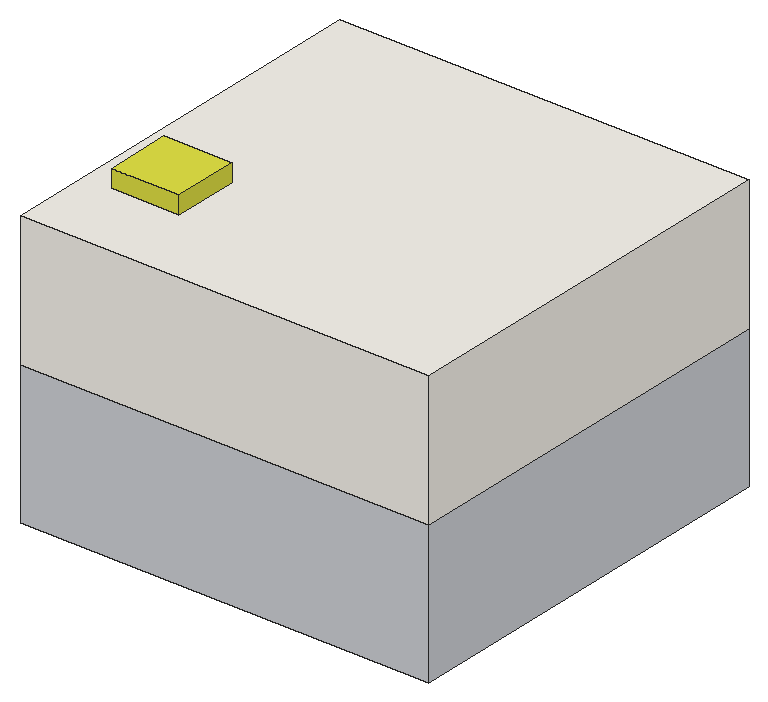
Revit family "Domotics-DomesticRanges-GEWISS-CHORUS_CLIMATE-GAS_H2O_DETECTOR", category Apparecchi elettrici, host Superficie, Revit 2016 (continued)
Lines and regions (mm)
  model lines, style "ElectricalFixtures", not visible, detail levels coarse
    curve 761: line (-60.319, -8.079, 0) -> (-60.112, -7.996, 0)
    curve 762: line (-60.112, -7.996, 0) -> (-59.712, -7.934, 0)
    curve 763: line (-59.712, -7.934, 0) -> (-59.93, -8.248, 0)
    curve 764: line (-99.406, 2.369, 0) -> (-98.483, 2.369, 0)
    curve 765: line (-98.483, 2.369, 0) -> (-98.483, 1.564, 0)
    curve 766: line (-98.483, 1.564, 0) -> (-99.033, 1.19, 0)
    curve 767: line (-99.033, 1.19, 0) -> (-99.543, 1.131, 0)
    curve 768: line (-99.543, 1.131, 0) -> (-99.976, 1.23, 0)
    curve 769: line (-99.976, 1.23, 0) -> (-100.506, 1.603, 0)
    curve 770: line (-100.506, 1.603, 0) -> (-100.8, 2.231, 0)
    curve 771: line (-100.8, 2.231, 0) -> (-100.722, 2.978, 0)
    curve 772: line (-100.722, 2.978, 0) -> (-100.388, 3.587, 0)
    curve 773: line (-100.388, 3.587, 0) -> (-99.72, 3.881, 0)
    curve 774: line (-99.72, 3.881, 0) -> (-99.19, 3.842, 0)
    curve 775: line (-99.19, 3.842, 0) -> (-98.738, 3.567, 0)
    curve 776: line (-98.738, 3.567, 0) -> (-98.463, 3.135, 0)
    curve 777: line (-82.577, 1.171, 0) -> (-82.577, 3.803, 0)
    curve 778: line (-82.577, 3.803, 0) -> (-81.183, 3.803, 0)
    curve 779: line (-81.183, 3.803, 0) -> (-80.751, 3.547, 0)
    curve 780: line (-80.751, 3.547, 0) -> (-80.652, 2.958, 0)
    curve 781: line (-80.652, 2.958, 0) -> (-80.868, 2.565, 0)
    curve 782: line (-80.868, 2.565, 0) -> (-81.242, 2.369, 0)
    curve 783: line (-81.242, 2.369, 0) -> (-82.577, 2.369, 0)
    curve 784: line (-97.787, 1.124, 0) -> (-96.687, 3.835, 0)
    curve 785: line (-96.687, 3.835, 0) -> (-95.534, 1.085, 0)
    curve 786: line (-97.403, 2.07, 0) -> (-95.947, 2.07, 0)
    curve 787: line (-93.042, 3.132, 0) -> (-93.163, 3.421, 0)
    curve 788: line (-93.163, 3.421, 0) -> (-93.426, 3.726, 0)
    curve 789: line (-93.426, 3.726, 0) -> (-93.697, 3.83, 0)
    curve 790: line (-93.697, 3.83, 0) -> (-93.95, 3.865, 0)
    curve 791: line (-93.95, 3.865, 0) -> (-94.273, 3.813, 0)
    curve 792: line (-94.273, 3.813, 0) -> (-94.631, 3.647, 0)
    curve 793: line (-94.631, 3.647, 0) -> (-94.849, 3.307, 0)
    curve 794: line (-94.849, 3.307, 0) -> (-94.814, 2.896, 0)
    curve 795: line (-94.814, 2.896, 0) -> (-94.552, 2.695, 0)
    curve 796: line (-94.552, 2.695, 0) -> (-93.155, 2.285, 0)
    curve 797: line (-93.155, 2.285, 0) -> (-92.955, 1.962, 0)
    curve 798: line (-92.955, 1.962, 0) -> (-92.998, 1.578, 0)
    curve 799: line (-92.998, 1.578, 0) -> (-93.251, 1.286, 0)
    curve 800: line (-93.251, 1.286, 0) -> (-93.636, 1.155, 0)
    curve 801: line (-93.636, 1.155, 0) -> (-93.924, 1.094, 0)
    curve 802: line (-93.924, 1.094, 0) -> (-94.343, 1.128, 0)
    curve 803: line (-94.343, 1.128, 0) -> (-94.692, 1.364, 0)
    curve 804: line (-94.692, 1.364, 0) -> (-94.866, 1.6, 0)
    curve 805: line (-94.866, 1.6, 0) -> (-94.928, 1.923, 0)
    curve 806: line (-89.153, 3.132, 0) -> (-89.274, 3.421, 0)
    curve 807: line (-89.274, 3.421, 0) -> (-89.537, 3.726, 0)
    curve 808: line (-89.537, 3.726, 0) -> (-89.807, 3.83, 0)
    curve 809: line (-89.807, 3.83, 0) -> (-90.061, 3.865, 0)
    curve 810: line (-90.061, 3.865, 0) -> (-90.384, 3.813, 0)
    curve 811: line (-90.384, 3.813, 0) -> (-90.742, 3.647, 0)
    curve 812: line (-90.742, 3.647, 0) -> (-90.96, 3.307, 0)
    curve 813: line (-90.96, 3.307, 0) -> (-90.925, 2.896, 0)
    curve 814: line (-90.925, 2.896, 0) -> (-90.663, 2.695, 0)
    curve 815: line (-90.663, 2.695, 0) -> (-89.266, 2.285, 0)
    curve 816: line (-89.266, 2.285, 0) -> (-89.065, 1.962, 0)
    curve 817: line (-89.065, 1.962, 0) -> (-89.109, 1.578, 0)
    curve 818: line (-89.109, 1.578, 0) -> (-89.362, 1.286, 0)
    curve 819: line (-89.362, 1.286, 0) -> (-89.746, 1.155, 0)
    curve 820: line (-89.746, 1.155, 0) -> (-90.034, 1.094, 0)
    curve 821: line (-90.034, 1.094, 0) -> (-90.453, 1.128, 0)
    curve 822: line (-90.453, 1.128, 0) -> (-90.803, 1.364, 0)
    curve 823: line (-90.803, 1.364, 0) -> (-90.977, 1.6, 0)
    curve 824: line (-90.977, 1.6, 0) -> (-91.038, 1.923, 0)
    curve 825: line (-88.633, 3.801, 0) -> (-86.329, 3.801, 0)
    curve 826: line (-87.481, 3.801, 0) -> (-87.481, 1.095, 0)
    curve 827: line (-84.674, 3.866, 0) -> (-85.259, 3.709, 0)
    curve 828: line (-85.259, 3.709, 0) -> (-85.643, 3.36, 0)
    curve 829: line (-85.643, 3.36, 0) -> (-85.879, 2.793, 0)
    curve 830: line (-85.879, 2.793, 0) -> (-85.87, 2.147, 0)
    curve 831: line (-85.87, 2.147, 0) -> (-85.687, 1.658, 0)
    curve 832: line (-85.687, 1.658, 0) -> (-85.364, 1.291, 0)
    curve 833: line (-85.364, 1.291, 0) -> (-84.919, 1.108, 0)
    curve 834: line (-84.919, 1.108, 0) -> (-84.561, 1.064, 0)
    curve 835: line (-84.561, 1.064, 0) -> (-84.046, 1.204, 0)
    curve 836: line (-84.046, 1.204, 0) -> (-83.705, 1.544, 0)
    curve 837: line (-83.705, 1.544, 0) -> (-83.504, 1.963, 0)
    curve 838: line (-83.504, 1.963, 0) -> (-83.435, 2.531, 0)
    curve 839: line (-83.435, 2.531, 0) -> (-83.539, 3.107, 0)
    curve 840: line (-83.539, 3.107, 0) -> (-83.845, 3.526, 0)
    curve 841: line (-83.845, 3.526, 0) -> (-84.264, 3.788, 0)
    curve 842: line (-84.264, 3.788, 0) -> (-84.674, 3.866, 0)
    curve 843: line (-71.123, 1.17, 0) -> (-73.126, 1.17, 0)
    curve 844: line (-73.126, 1.17, 0) -> (-73.126, 3.789, 0)
    curve 845: line (-73.126, 3.789, 0) -> (-71.182, 3.789, 0)
    curve 846: line (-73.126, 2.48, 0) -> (-71.555, 2.48, 0)
    curve 847: line (-70.808, 3.789, 0) -> (-68.51, 3.789, 0)
    curve 848: line (-69.659, 3.789, 0) -> (-69.659, 1.157, 0)
    curve 849: line (-76.505, 1.17, 0) -> (-76.505, 3.789, 0)
    curve 850: line (-76.505, 3.789, 0) -> (-75.287, 1.432, 0)
    curve 851: line (-75.287, 1.432, 0) -> (-74.049, 3.789, 0)
    curve 852: line (-74.049, 3.789, 0) -> (-74.049, 1.17, 0)
    curve 853: line (-68.21, 1.17, 0) -> (-67.149, 3.789, 0)
    curve 854: line (-67.149, 3.789, 0) -> (-66.128, 1.17, 0)
    curve 855: line (-67.831, 2.106, 0) -> (-66.492, 2.106, 0)
    curve 856: line (-65.277, 1.17, 0) -> (-65.277, 3.789, 0)
    curve 857: line (-65.277, 3.789, 0) -> (-63.293, 1.17, 0)
    curve 858: line (-63.293, 1.17, 0) -> (-63.293, 3.789, 0)
    curve 859: line (-61.683, 3.789, 0) -> (-62.174, 3.397, 0)
    curve 860: line (-62.174, 3.397, 0) -> (-62.409, 2.689, 0)
    curve 861: line (-62.409, 2.689, 0) -> (-62.37, 2.022, 0)
    curve 862: line (-62.37, 2.022, 0) -> (-62.036, 1.413, 0)
    curve 863: line (-62.036, 1.413, 0) -> (-61.447, 1.177, 0)
    curve 864: line (-61.447, 1.177, 0) -> (-61.117, 1.133, 0)
    curve 865: line (-61.117, 1.133, 0) -> (-60.82, 1.139, 0)
    curve 866: line (-60.82, 1.139, 0) -> (-60.468, 1.323, 0)
    curve 867: line (-60.468, 1.323, 0) -> (-60.14, 1.663, 0)
    curve 868: line (-60.14, 1.663, 0) -> (-59.944, 2.082, 0)
    curve 869: line (-59.944, 2.082, 0) -> (-59.957, 2.671, 0)
    curve 870: line (-59.957, 2.671, 0) -> (-60.088, 3.182, 0)
    curve 871: line (-60.088, 3.182, 0) -> (-60.481, 3.653, 0)
    curve 872: line (-60.481, 3.653, 0) -> (-60.765, 3.755, 0)
    curve 873: line (-60.765, 3.755, 0) -> (-61.196, 3.831, 0)
    curve 874: line (-61.196, 3.831, 0) -> (-61.683, 3.789, 0)
Dimensions and locks
  plane 4 to plane 3 "Centro (Sinistra/Destra)" = 1500 mm
  "Distanza_effettiva_x": plane 4 to plane 5
  "Offset pulsante": plane 11 to plane 2
  "Offset_bidimensionale": plane 7 to plane 8
  locked: plane 8 to plane 11 at 30.93
  "Distanza_x": plane 5 to plane 3 "Centro (Sinistra/Destra)"
  aligned and locked: plane 2 to host face
  aligned and locked: level to host face
  aligned and locked: plane 8 to Masking region 1
  aligned and locked: Masking region 1 to plane 11
  aligned and locked: plane 5 to nested 2
  aligned and locked: nested 1 to plane 11
  aligned and locked: Masking region 2 sketch curve to plane 9
  aligned and locked: Masking region 2 sketch curve to plane 8
  aligned and locked: plane 10 to Masking region 2 sketch curve
  aligned and locked: plane 11 to Masking region 2 sketch curve
Automatic sketch dimensions
  host sketch curve to host sketch curve = 2438.4 mm  (x2)
  plane 6 to Masking region 1 sketch curve = 20 mm
  plane 1 "Centro (Fronte/Retro)" to Masking region 1 sketch curve = 22 mm
  Masking region 1 sketch curve to plane 1 "Centro (Fronte/Retro)" = 22 mm
  Masking region 1 sketch curve to plane 8 = 0 mm
Nested families
  nested 1: "gas_acqua_g" at (0, 0, 20), type <- "Tipo_", type "GW14716 Rivelatore acqua 2M 12V titanio"
  nested 2: "gas_acquasimb" at (0, 66.668, 0), type "gas_acquasimb"
    with SIMBOLO yes, Distanza dal muro 6 mm, BORDO ACCESO yes
Definition of nested family "gas_acqua_g"
  Parameters (values of type "GW14716 Rivelatore acqua 2M 12V titanio")
    metano = yes
    gas_stop = no
    corpo = 15.93 mm
    Materiale = none
    Acqua = no
    W = 45 mm
    L = 46 mm
  Types (9, lengths in mm): name | metano | Acqua
    GW14716 Rivelatore acqua 2M 12V titanio | yes | no
    GW14712 Rivelatore CH4 2M 12V ac/dc titanio | yes | no
    GW14711 Rilevatore GPL 2M 12V ac/dc titanio | yes | no
    GW12716 Rivelatore acqua 2M 12V nero | yes | no
    GW12712 Rivelatore CH4 2M 12V ac/dc nero | yes | no
    GW12711 Rilevatore GPL 2M 12V ac/dc nero | yes | no
    GW10716 Rivelatore acqua 2M 12V bianco | yes | no
    GW10712 Rivelatore CH4 2M 12V ac/dc bianco | yes | no
    GW10711 Rilevatore GPL 2M 12V ac/dc bianco | no | yes
  Reference planes
    plane 1 "Centro (Fronte/Retro)": y = 0
    plane 2: z = 0
    plane 3 "Centro (Sinistra/Destra)": x = 0
    plane 4: x = -23.898
    plane 5: y = -22.5
    plane 6: x = 22.102
    plane 7: y = 22.5
    plane 8: x = -20.746
    plane 9: y = -13.615
    plane 10: x = -13.103
    plane 11: y = -6.243
    plane 12 "fronte": z = 30.93
    plane 13: z = 15.93
    plane 14: z = 32.93
  Forms (mm)
    Extrusion 1, solid, material <- "Materiale", detail levels medium+fine
      sketch origin (0, 0, 0) x (1, 0, 0) y (0, 1, 0)
        loop
          line (-23.898, 22.5) -> (-23.898, -22.5) -> (22.102, -22.5) -> (22.102, 22.5) -> (-23.898, 22.5)
      from 15.93 to 30.93
    Extrusion 2, solid, detail levels medium+fine
      sketch origin (0, 0, 0) x (1, 0, 0) y (0, 1, 0)
        loop
          line (-23.898, 22.5) -> (-23.898, -22.5) -> (22.102, -22.5) -> (22.102, 22.5) -> (-23.898, 22.5)
      from 0 to 15.93
    Extrusion 3, solid, detail levels medium+fine
      sketch origin (0, 0, 0) x (1, 0, 0) y (0, 1, 0)
        loop
          line (-13.103, -13.615) -> (-13.103, -6.243) -> (-20.746, -6.243) -> (-20.746, -13.615) -> (-13.103, -13.615)
      from 30.93 to 32.93
  Dimensions and locks
    plane 4 to plane 3 "Centro (Sinistra/Destra)" to plane 6 = 23.898 mm, 22.102 mm
    equal spacing: plane 7, plane 1 "Centro (Fronte/Retro)", plane 5
    "L": plane 4 to plane 6
    "W": plane 7 to plane 5
    locked: plane 4 to plane 8 at 3.152
    locked: plane 8 to plane 10 at 7.642
    locked: plane 11 to plane 9 at 7.372
    "corpo": plane 13 to plane 2
    locked: plane 12 "fronte" to plane 13 at 15
    locked: plane 14 to plane 12 "fronte" at 2
    aligned and locked: level to plane 2
    aligned and locked: Extrusion 1 sketch curve to plane 4
    aligned and locked: Extrusion 1 sketch curve to plane 6
    aligned and locked: Extrusion 1 sketch curve to plane 5
    aligned and locked: Extrusion 1 sketch curve to plane 7
    aligned and locked: Extrusion 1 to plane 13
    aligned and locked: plane 12 "fronte" to Extrusion 1
    aligned and locked: Extrusion 2 sketch curve to plane 4
    aligned and locked: Extrusion 2 sketch curve to plane 7
    aligned and locked: Extrusion 2 sketch curve to plane 5
    aligned and locked: Extrusion 2 sketch curve to plane 6
    aligned and locked: Extrusion 2 to plane 2
    aligned and locked: plane 13 to Extrusion 2
    aligned and locked: Extrusion 3 sketch curve to plane 10
    aligned and locked: Extrusion 3 sketch curve to plane 8
    aligned and locked: Extrusion 3 sketch curve to plane 9
    aligned and locked: Extrusion 3 sketch curve to plane 11
    aligned and locked: Extrusion 3 to plane 12 "fronte"
    aligned and locked: plane 14 to Extrusion 3
    aligned and locked: plane 5 to import instance  (x3)
    aligned and locked: plane 4 to import instance
    aligned and locked: plane 6 to import instance  (x2)
    aligned and locked: plane 12 "fronte" to import instance  (x3)
Definition of nested family "gas_acquasimb"
  Parameters (values of type "gas_acquasimb")
    SIMBOLOH2O = no
    SIMBOLO METANO = no
    SIMBOLO GPL = yes
    SIMBOLO [instance] = yes
    Distanza dal muro [instance] = 4.208 mm
    BORDO ACCESO [instance] = yes
  Reference planes
    plane 1: y = 0
    plane 2: x = 0
  Lines and regions (mm)
    detail lines, visible <- "SIMBOLO GPL"
      curve 1: line (-1.038, 3.88, 0) -> (1.118, 3.88, 0)
      curve 2: line (1.118, 3.88, 0) -> (1.118, 5.17, 0)
      curve 3: line (1.118, 5.17, 0) -> (-1.038, 5.17, 0)
      curve 4: line (-1.038, 5.17, 0) -> (-1.038, 3.88, 0)
    detail lines, visible <- "SIMBOLOH2O"
      curve 5: line (-1.034, 3.88, 0) -> (1.122, 3.88, 0)
      curve 6: line (1.122, 3.88, 0) -> (1.122, 5.17, 0)
      curve 7: line (1.122, 5.17, 0) -> (-1.034, 5.17, 0)
      curve 8: line (-1.034, 5.17, 0) -> (-1.034, 3.88, 0)
    detail lines, visible <- "SIMBOLO METANO"
      curve 9: line (-1.034, 3.88, 0) -> (1.122, 3.88, 0)
      curve 10: line (1.122, 3.88, 0) -> (1.122, 5.17, 0)
      curve 11: line (1.122, 5.17, 0) -> (-1.034, 5.17, 0)
      curve 12: line (-1.034, 5.17, 0) -> (-1.034, 3.88, 0)
    detail lines, visible <- "SIMBOLO GPL", not visible
      curve 13: line (2.254, 2.609, 0) -> (4.41, 2.609, 0)
      curve 14: line (4.41, 2.609, 0) -> (4.41, 3.899, 0)
      curve 15: line (4.41, 3.899, 0) -> (2.254, 3.899, 0)
      curve 16: line (2.254, 3.899, 0) -> (2.254, 2.609, 0)
    detail lines, visible <- "SIMBOLOH2O", not visible
      curve 17: line (9.631, 2.609, 0) -> (11.786, 2.609, 0)
      curve 18: line (11.786, 2.609, 0) -> (11.786, 3.899, 0)
      curve 19: line (11.786, 3.899, 0) -> (9.631, 3.899, 0)
      curve 20: line (9.631, 3.899, 0) -> (9.631, 2.609, 0)
    detail lines, visible <- "SIMBOLO METANO", not visible
      curve 21: line (13.083, 2.609, 0) -> (15.239, 2.609, 0)
      curve 22: line (15.239, 2.609, 0) -> (15.239, 3.899, 0)
      curve 23: line (15.239, 3.899, 0) -> (13.083, 3.899, 0)
      curve 24: line (13.083, 3.899, 0) -> (13.083, 2.609, 0)
  Text (mm)
    text "GPL" at (-0.802, 5.08, 0), visible <- "SIMBOLO GPL"
    text "H2O" at (-0.802, 5.08, 0), visible <- "SIMBOLOH2O"
    text "MET" at (-0.803, 5.079, 0), visible <- "SIMBOLO METANO"
    text "GPL" at (2.49, 3.809, 0), visible <- "SIMBOLO GPL", not visible
    text "H2O" at (9.862, 3.809, 0), visible <- "SIMBOLOH2O", not visible
    text "MET" at (13.315, 3.809, 0), visible <- "SIMBOLO METANO", not visible
Types (9, lengths in mm): name | Tripping threshold | Tipo_ | Technical sheet | Sensor | SEO | Output contacts | No. Chorus modules: | Modello | Metano | IDT | GPL | Electrocod | EAN code | Descrizione | Description. | Colour | Acqua
  GW10711 - Lpg detector 2M 12V ac/dc white | "9% LIE" | gas_acqua_g : GW10711 Rilevatore GPL 2M 12V ac/dc bianco | "https://www.gewiss.com/ww/en/search?q=GW10711" | "LPG" | "Detector" | "1NO/NC 10A(NO)/3A(NC)250V ac" | "2" | "GW10711" | no | "31f954cd-c753-42fa-b48e-152ad5c9d899" | yes | "0531" | "8011564263130" | "LPG DETECTOR 2M 12V AC/DC WHITE" | "LPG detector" | "White" | no
  GW10712 - Ch4 detector 2M 12V ac/dc white | "9% LIE" | gas_acqua_g : GW10712 Rivelatore CH4 2M 12V ac/dc bianco | "https://www.gewiss.com/ww/en/search?q=GW10712" | "CH4" | "Detector" | "1NO/NC 10A(NO)/3A(NC)250V ac" | "2" | "GW10712" | yes | "796f30ad-de9c-4af2-a135-fcf77a01e71a" | no | "0531" | "8011564263154" | "CH4 DETECTOR 2M 12V AC/DC WHITE" | "Methane detector" | "White" | no
  GW10716 - Water detector, 2M 12V white | "" | gas_acqua_g : GW10716 Rivelatore acqua 2M 12V bianco | "https://www.gewiss.com/ww/en/search?q=GW10716" | "Water" | "" | "1NO/NC5A(AC1)/3A(AC15)250Vac" | "" | "GW10716" | no | "f147057b-1afb-4caf-acfe-4fa79c8f476d" | no | "" | "" | "WATER DETECTOR, 2M 12V WHITE" | "" | "White" | yes
  GW12711 - Lpg detector 2M 12V ac/dc black | "9% LIE" | gas_acqua_g : GW12711 Rilevatore GPL 2M 12V ac/dc nero | "https://www.gewiss.com/ww/en/search?q=GW12711" | "LPG" | "Detector" | "1NO/NC 10A(NO)/3A(NC)250V ac" | "2" | "GW12711" | no | "5dc92dae-f447-422f-8690-bea6fe6e30e5" | yes | "0531" | "8011564267480" | "LPG DETECTOR 2M 12V AC/DC BLACK" | "LPG detector" | "Black" | no
  GW12712 - Detector ch4 2M 12V ac/dc black | "9% LIE" | gas_acqua_g : GW12712 Rivelatore CH4 2M 12V ac/dc nero | "https://www.gewiss.com/ww/en/search?q=GW12712" | "CH4" | "Detector" | "1NO/NC 10A(NO)/3A(NC)250V ac" | "2" | "GW12712" | yes | "185be050-ad97-44bd-8ffb-a48e45126f7d" | no | "0531" | "8011564267497" | "DETECTOR CH4 2M 12V AC/DC BLACK" | "Methane detector" | "Black" | no
  GW12716 - Water detector 2M 12V black | "" | gas_acqua_g : GW12716 Rivelatore acqua 2M 12V nero | "https://www.gewiss.com/ww/en/search?q=GW12716" | "Water" | "" | "1NO/NC5A(AC1)/3A(AC15)250Vac" | "" | "GW12716" | no | "5c93944e-f3fd-477d-a0b6-e50b4d8da2ac" | no | "" | "" | "WATER DETECTOR 2M 12V BLACK" | "" | "Black" | yes
  GW14711 - Lpg detector, 2M 12V ac/dc titanium | "9% LIE" | gas_acqua_g : GW14711 Rilevatore GPL 2M 12V ac/dc titanio | "https://www.gewiss.com/ww/en/search?q=GW14711" | "LPG" | "Detector" | "1NO/NC 10A(NO)/3A(NC)250V ac" | "2" | "GW14711" | no | "a061f942-c801-46b3-8458-100073ee2ddc" | yes | "0531" | "8011564268722" | "LPG DETECTOR, 2M 12V AC/DC TITANIUM" | "LPG detector" | "Titanium" | no
  GW14712 - Detector, ch4 2M 12V ac/dc titanium | "9% LIE" | gas_acqua_g : GW14712 Rivelatore CH4 2M 12V ac/dc titanio | "https://www.gewiss.com/ww/en/search?q=GW14712" | "CH4" | "Detector" | "1NO/NC 10A(NO)/3A(NC)250V ac" | "2" | "GW14712" | yes | "93cd284b-7d54-4356-b33b-310e10ceb229" | no | "0531" | "8011564268739" | "DETECTOR, CH4 2M 12V AC/DC TITANIUM" | "Methane detector" | "Titanium" | no
  GW14716 - Water detector, 2M 12V titanium | "" | gas_acqua_g : GW14716 Rivelatore acqua 2M 12V titanio | "https://www.gewiss.com/ww/en/search?q=GW14716" | "Water" | "" | "1NO/NC5A(AC1)/3A(AC15)250Vac" | "" | "GW14716" | no | "fd0c2516-d22c-4d53-a17f-e013153919b3" | no | "" | "" | "WATER DETECTOR, 2M 12V TITANIUM" | "" | "Titanium" | yes
